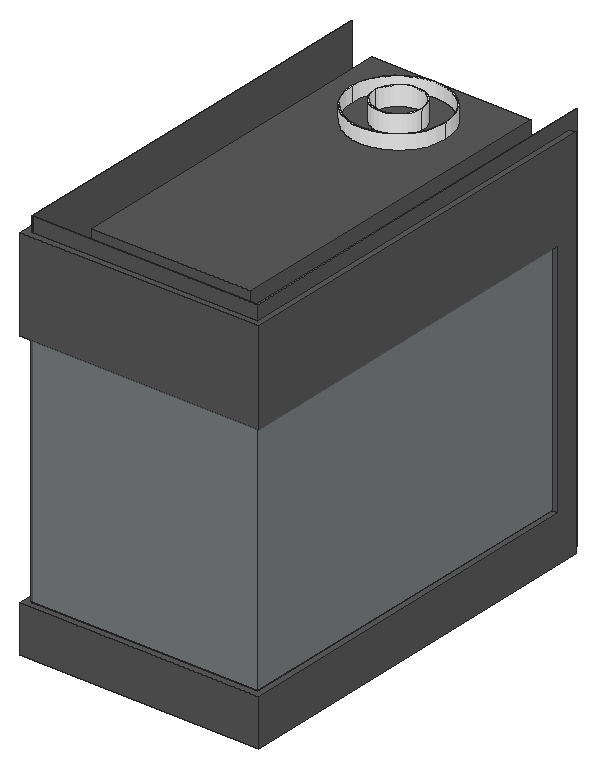
Revit family "H38DF-PFC - HL38DF-PFC", category Generic Models, Revit 2019
Family settings
  Can host rebar = No
  Round Connector Dimension = Use Diameter
  Part Type = Normal
  Work Plane-Based = No
  Always vertical = Yes
  Cut with Voids When Loaded = No
  Shared = No
  Room Calculation Point = No
Parameters
  Width = 12 5/16"
  URL = "https://www.montigo.com/"
  Model = ""
  Manufacturer Fax = ""
  Manufacturer Website = "https://www.montigo.com/"
  Manufacturer Phone - Toll Free = "800-378-3115"
  Manufacturer Phone = ""
  Manufacturer Address = "27342 Gloucester Way  Langley, BC, Canada   V4W 4A1"
  Manufacturer = "Montigo"
  Length = 53 7/16"
  Keynote = ""
  Glazing Tint = Glass - Montigo - Tint as Specified
  Frame Material = Metal - Montigo - Black
  Firebox Material = Metal - Montigo - White
  Fire Place Length = 50 5/16"
  Fire Place Height = 24 1/2"
  Fire Place - Opening = 16 9/16"
  Description = "Montigo Fireplace as Specified"
  Base Height = 6 9/16"
Reference planes (in)
  plane 1 "Center (Front/Back)": y = 0
  plane 2: z = 0
  plane 3 "Center (Left/Right)": x = 0
  plane 4: z = 4.875
  plane 5: z = 29.9375
Forms (in)
  Extrusion 1, solid, material "Metal - Montigo - Black" <- "Frame Material"
    sketch origin (0, 4.4865, 0) x (1, 0, 0) y (0, 1, 0)
      loop
        line (-8.332, -0.99829) -> (8.336, -0.99829) -> (8.336, 35.6185) -> (-8.332, 35.6185) -> (-8.332, -0.99829)
    from 0 to 39.625
  Extrusion 2, solid, material "Metal - Montigo - Black" <- "Frame Material"
    sketch origin (0, 0, 0) x (1, 0, 0) y (0, 1, 0)
      loop
        line (11.8165, -0.06) -> (11.8165, 41.755) -> (11.7565, 41.755) -> (11.7565, 0) -> (-11.74997, 0) -> (-11.74997, 41.755) -> (-11.8135, 41.755) -> (-11.8135, -0.06) -> (11.8165, -0.06)
    from 0 to 41.125
  Extrusion 3, solid, material "Metal - Montigo - Black" <- "Frame Material"
    sketch origin (0, 4.4865, 0) x (1, 0, 0) y (0, 1, 0)
      loop
        line (-11.74997, -4.4865) -> (11.7565, -4.4865) -> (11.7565, 35.6185) -> (-11.74997, 35.6185) -> (-11.74997, -4.4865)
    from 0 to 35.75
  Extrusion 4, solid, material "Metal - Montigo - Black" <- "Frame Material"
    sketch origin (0, 0, 0) x (1, 0, 0) y (0, 1, 0)
      loop
        line (11.8165, -0.06) -> (-11.8135, -0.06) -> (-11.8135, 40.755) -> (-12.4985, 40.755) -> (-12.4985, -0.745) -> (12.5015, -0.745) -> (12.5015, 40.755) -> (11.8165, 40.755) -> (11.8165, -0.06)
    from 0 to 39.625
  Sweep 5, void
    path origin (0, 0, 0) x (1, 0, 0) y (0, 1, 0)
      loop
        line (12.5015, 38.5) -> (12.5015, -0.745) -> (-12.4985, -0.745) -> (-12.4985, 38.5)
    profile origin (12.5015, 18.8775, 0) x (1, 0, 0) y (0, 0, 1)
      loop
        line (0, 29.9375) -> (-0.625, 29.9375) -> (-0.625, 4.875) -> (0, 4.875) -> (0, 29.9375)
Cuts and joins
  joined: Extrusion 1, Extrusion 2, Extrusion 3
  Sweep 5 cuts Extrusion 4
Dimensions and locks (in)
  level to nested 4 = 33"
  nested 4 to level = 33"
  plane 1 "Center (Front/Back)" to Extrusion 1 = 40.105"
  cut or joined group of Extrusion 1, Extrusion 2, Extrusion 3 to nested 1 = 8.5675"
  aligned and locked: level to plane 2
  aligned and locked: nested 2 to nested 1
  aligned and locked: nested 2 to plane 3 "Center (Left/Right)"
  aligned and locked: nested 1 to plane 3 "Center (Left/Right)"
  aligned and locked: nested 4 to plane 3 "Center (Left/Right)"
  aligned and locked: nested 3 to plane 3 "Center (Left/Right)"
Nested families (in)
  nested 1: "Duct Dia" at (0, 33.1875, 39.625) x (-1, 0, 0) z (0, 0, 1), type "5""
    with Intake Duct Dia 5", Intake Diameter 4 7/8", Height 2"
  nested 2: "Duct Dia" at (0, 33.1875, 39.625) x (-1, 0, 0) z (0, 0, 1), type "9 7/8""
    with Intake Duct Dia 9 7/8", Intake Diameter 9 3/4", Height 1 1/2"
  nested 3: "Duct Dia" at (0, 40.105, 33) x (-1, 0, 0) z (0, 1, 0), type "5""
    with Intake Duct Dia 5", Intake Diameter 4 7/8", Height 2"
  nested 4: "Duct Dia" at (0, 40.105, 33) x (-1, 0, 0) z (0, 1, 0), type "9 7/8""
    with Intake Duct Dia 9 7/8", Intake Diameter 9 3/4", Height 1 1/2"
Connectors (in)
  hvac at (0, 33.1875, 41.625)
    settings: on nested 1, index 4, duct flow 0.0 L/s, flow factor 0, pres drop 0.0 Pa, loss coef 0, conn angle 0.00°, conn width 304.8 mm, conn height 304.8 mm, conn diameter 127 mm, duct sys type 3, conn prof type 0, flow config 0, flow direction 0, loss method 0, conn ref index -1, conn util no, is conn primary yes, conn desc ""
  hvac at (0, 33.1875, 41.125)
    settings: on nested 2, index 5, duct flow 0.0 L/s, flow factor 0, pres drop 0.0 Pa, loss coef 0, conn angle 0.00°, conn width 304.8 mm, conn height 304.8 mm, conn diameter 250.825 mm, duct sys type 3, conn prof type 0, flow config 0, flow direction 0, loss method 0, conn ref index -1, conn util no, is conn primary no, conn desc ""
  hvac at (0, 42.105, 33)
    settings: on nested 3, index 6, duct flow 0.0 L/s, flow factor 0, pres drop 0.0 Pa, loss coef 0, conn angle 0.00°, conn width 304.8 mm, conn height 304.8 mm, conn diameter 127 mm, duct sys type 3, conn prof type 0, flow config 0, flow direction 0, loss method 0, conn ref index -1, conn util no, is conn primary no, conn desc ""
  hvac at (0, 41.605, 33)
    settings: on nested 4, index 7, duct flow 0.0 L/s, flow factor 0, pres drop 0.0 Pa, loss coef 0, conn angle 0.00°, conn width 304.8 mm, conn height 304.8 mm, conn diameter 250.825 mm, duct sys type 3, conn prof type 0, flow config 0, flow direction 0, loss method 0, conn ref index -1, conn util no, is conn primary no, conn desc ""
Definition of nested family "Duct Dia"
  Parameters (values of type "15 7/8" Dia.")
    Intake Duct Dia = 15 7/8"
    Intake Diameter = Intake Duct Dia - 1/8"  # 15 3/4"
    Height = 4"
    Firebox Material = none
    Default Elevation = 48"
  Types (12): name | Intake Duct Dia | Intake Diameter | Height
    9 7/8" Dia. | 9 7/8" | 9 3/4" | 4"
    7 7/8" Dia | 7 7/8" | 7 3/4" | 4"
    8 1/8" Dia | 8 1/8" | 8" | 1/4"
    11 3/4" Dia | 11 3/4" | 11 5/8" | 4"
    4" Dia | 10" | 9 7/8" | 4"
    7 3/4" Dia | 7 3/4" | 7 5/8" | 4"
    6 7/8" Dia | 6 7/8" | 6 3/4" | 1/4"
    9 3/4" Dia. | 9 3/4" | 9 5/8" | 4"
    7 1/8" Dia | 7 1/8" | 7" | 1/4"
    11 7/8" Dia. | 11 7/8" | 11 3/4" | 4"
    13 7/8" Dia. | 13 7/8" | 13 3/4" | 4"
    15 7/8" Dia. | 15 7/8" | 15 3/4" | 4"
  Reference planes (in)
    plane 1 "Center (Front/Back)": y = 0
    plane 2: z = 0
    plane 3 "Center (Left/Right)": x = 0
    plane 4: z = 4
  Forms (in)
    Extrusion 1, solid
      sketch origin (0, 0, 0) x (1, 0, 0) y (0, 1, 0)
        loop
          line (-48, 48) -> (-48, -48) -> (48, -48) -> (48, 48) -> (-48, 48)
      from 0 to -12
    Extrusion 2, solid, material <- "Firebox Material"
      sketch origin (0, 0, 0) x (1, 0, 0) y (0, 1, 0)
        loop
          circle (0, 0) r 7.9375
        loop
          circle (0, 0) r 7.875
      from 0 to 4
  Dimensions and locks (in)
    "Height": plane 4 to level
    "Intake Duct Dia": diameter of Extrusion 2 sketch curve
    "Intake Diameter": diameter of Extrusion 2 sketch curve
    aligned and locked: plane 2 to Extrusion 1
    aligned and locked: level to Extrusion 1
    aligned and locked: plane 4 to Extrusion 2
  Automatic sketch dimensions
    Extrusion 1 sketch curve to Extrusion 1 sketch curve = 96"  (x2)
    Extrusion 2 sketch curve to Extrusion 2 sketch curve = 0"  (x2)
    plane 1 "Center (Front/Back)" to Extrusion 2 sketch curve = 0"
    Extrusion 2 sketch curve to plane 3 "Center (Left/Right)" = 0"
